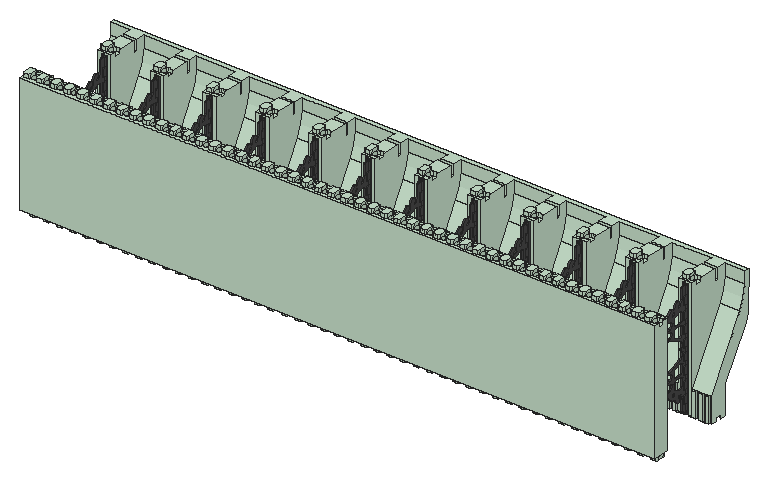
Revit family (continued)
Forms (in)
  Extrusion 51, void
    sketch origin (86, 0, 0) x (-1, 0, 0) y (0, -1, 0)
      loop
        arc (1, -4.89808) -> (1.04785, -5.04517) -> (1.17308, -5.13595) r 0.25
        arc (1.17308, -5.13595) -> (1.5, -5.1875) -> (1.82692, -5.13595) r 1.0625
        arc (1.82692, -5.13595) -> (1.95215, -5.04517) -> (2, -4.89808) r 0.25
        line (2, -4.89808) -> (2, -3.97692)
        arc (2, -3.97692) -> (1.98276, -3.88568) -> (1.9334, -3.80702) r 0.25
        arc (1.9334, -3.80702) -> (1.92106, -3.78736) -> (1.91675, -3.76455) r 0.0625
        line (1.91675, -3.76455) -> (1.91675, -3.41845) -> (1.74592, -3.41845) -> (1.74592, -3.64005)
        arc (1.74592, -3.64005) -> (1.72385, -3.68771) -> (1.67323, -3.70172) r 0.0625
        arc (1.67323, -3.70172) -> (1.42092, -3.69045) -> (1.17308, -3.73905) r 1.0625
        arc (1.17308, -3.73905) -> (1.04785, -3.82983) -> (1, -3.97692) r 0.25
        line (1, -3.97692) -> (1, -4.89808)
    from 18 to 17.5
  Extrusion 52, void
    sketch origin (78, 0, 0) x (-1, 0, 0) y (0, -1, 0)
      loop
        arc (1, -4.89808) -> (1.04785, -5.04517) -> (1.17308, -5.13595) r 0.25
        arc (1.17308, -5.13595) -> (1.5, -5.1875) -> (1.82692, -5.13595) r 1.0625
        arc (1.82692, -5.13595) -> (1.95215, -5.04517) -> (2, -4.89808) r 0.25
        line (2, -4.89808) -> (2, -3.97692)
        arc (2, -3.97692) -> (1.98276, -3.88568) -> (1.9334, -3.80702) r 0.25
        arc (1.9334, -3.80702) -> (1.92106, -3.78736) -> (1.91675, -3.76455) r 0.0625
        line (1.91675, -3.76455) -> (1.91675, -3.41845) -> (1.74592, -3.41845) -> (1.74592, -3.64005)
        arc (1.74592, -3.64005) -> (1.72385, -3.68771) -> (1.67323, -3.70172) r 0.0625
        arc (1.67323, -3.70172) -> (1.42092, -3.69045) -> (1.17308, -3.73905) r 1.0625
        arc (1.17308, -3.73905) -> (1.04785, -3.82983) -> (1, -3.97692) r 0.25
        line (1, -3.97692) -> (1, -4.89808)
    from 18 to 17.5
  Extrusion 53, void
    sketch origin (70, 0, 0) x (-1, 0, 0) y (0, -1, 0)
      loop
        arc (1, -4.89808) -> (1.04785, -5.04517) -> (1.17308, -5.13595) r 0.25
        arc (1.17308, -5.13595) -> (1.5, -5.1875) -> (1.82692, -5.13595) r 1.0625
        arc (1.82692, -5.13595) -> (1.95215, -5.04517) -> (2, -4.89808) r 0.25
        line (2, -4.89808) -> (2, -3.97692)
        arc (2, -3.97692) -> (1.98276, -3.88568) -> (1.9334, -3.80702) r 0.25
        arc (1.9334, -3.80702) -> (1.92106, -3.78736) -> (1.91675, -3.76455) r 0.0625
        line (1.91675, -3.76455) -> (1.91675, -3.41845) -> (1.74592, -3.41845) -> (1.74592, -3.64005)
        arc (1.74592, -3.64005) -> (1.72385, -3.68771) -> (1.67323, -3.70172) r 0.0625
        arc (1.67323, -3.70172) -> (1.42092, -3.69045) -> (1.17308, -3.73905) r 1.0625
        arc (1.17308, -3.73905) -> (1.04785, -3.82983) -> (1, -3.97692) r 0.25
        line (1, -3.97692) -> (1, -4.89808)
    from 18 to 17.5
  Extrusion 54, void
    sketch origin (62, 0, 0) x (-1, 0, 0) y (0, -1, 0)
      loop
        arc (1, -4.89808) -> (1.04785, -5.04517) -> (1.17308, -5.13595) r 0.25
        arc (1.17308, -5.13595) -> (1.5, -5.1875) -> (1.82692, -5.13595) r 1.0625
        arc (1.82692, -5.13595) -> (1.95215, -5.04517) -> (2, -4.89808) r 0.25
        line (2, -4.89808) -> (2, -3.97692)
        arc (2, -3.97692) -> (1.98276, -3.88568) -> (1.9334, -3.80702) r 0.25
        arc (1.9334, -3.80702) -> (1.92106, -3.78736) -> (1.91675, -3.76455) r 0.0625
        line (1.91675, -3.76455) -> (1.91675, -3.41845) -> (1.74592, -3.41845) -> (1.74592, -3.64005)
        arc (1.74592, -3.64005) -> (1.72385, -3.68771) -> (1.67323, -3.70172) r 0.0625
        arc (1.67323, -3.70172) -> (1.42092, -3.69045) -> (1.17308, -3.73905) r 1.0625
        arc (1.17308, -3.73905) -> (1.04785, -3.82983) -> (1, -3.97692) r 0.25
        line (1, -3.97692) -> (1, -4.89808)
    from 18 to 17.5
  Extrusion 55, void
    sketch origin (54, 0, 0) x (-1, 0, 0) y (0, -1, 0)
      loop
        arc (1, -4.89808) -> (1.04785, -5.04517) -> (1.17308, -5.13595) r 0.25
        arc (1.17308, -5.13595) -> (1.5, -5.1875) -> (1.82692, -5.13595) r 1.0625
        arc (1.82692, -5.13595) -> (1.95215, -5.04517) -> (2, -4.89808) r 0.25
        line (2, -4.89808) -> (2, -3.97692)
        arc (2, -3.97692) -> (1.98276, -3.88568) -> (1.9334, -3.80702) r 0.25
        arc (1.9334, -3.80702) -> (1.92106, -3.78736) -> (1.91675, -3.76455) r 0.0625
        line (1.91675, -3.76455) -> (1.91675, -3.41845) -> (1.74592, -3.41845) -> (1.74592, -3.64005)
        arc (1.74592, -3.64005) -> (1.72385, -3.68771) -> (1.67323, -3.70172) r 0.0625
        arc (1.67323, -3.70172) -> (1.42092, -3.69045) -> (1.17308, -3.73905) r 1.0625
        arc (1.17308, -3.73905) -> (1.04785, -3.82983) -> (1, -3.97692) r 0.25
        line (1, -3.97692) -> (1, -4.89808)
    from 18 to 17.5
  Extrusion 56, void
    sketch origin (46, 0, 0) x (-1, 0, 0) y (0, -1, 0)
      loop
        arc (1, -4.89808) -> (1.04785, -5.04517) -> (1.17308, -5.13595) r 0.25
        arc (1.17308, -5.13595) -> (1.5, -5.1875) -> (1.82692, -5.13595) r 1.0625
        arc (1.82692, -5.13595) -> (1.95215, -5.04517) -> (2, -4.89808) r 0.25
        line (2, -4.89808) -> (2, -3.97692)
        arc (2, -3.97692) -> (1.98276, -3.88568) -> (1.9334, -3.80702) r 0.25
        arc (1.9334, -3.80702) -> (1.92106, -3.78736) -> (1.91675, -3.76455) r 0.0625
        line (1.91675, -3.76455) -> (1.91675, -3.41845) -> (1.74592, -3.41845) -> (1.74592, -3.64005)
        arc (1.74592, -3.64005) -> (1.72385, -3.68771) -> (1.67323, -3.70172) r 0.0625
        arc (1.67323, -3.70172) -> (1.42092, -3.69045) -> (1.17308, -3.73905) r 1.0625
        arc (1.17308, -3.73905) -> (1.04785, -3.82983) -> (1, -3.97692) r 0.25
        line (1, -3.97692) -> (1, -4.89808)
    from 18 to 17.5
  Extrusion 57, void
    sketch origin (38, 0, 0) x (-1, 0, 0) y (0, -1, 0)
      loop
        arc (1, -4.89808) -> (1.04785, -5.04517) -> (1.17308, -5.13595) r 0.25
        arc (1.17308, -5.13595) -> (1.5, -5.1875) -> (1.82692, -5.13595) r 1.0625
        arc (1.82692, -5.13595) -> (1.95215, -5.04517) -> (2, -4.89808) r 0.25
        line (2, -4.89808) -> (2, -3.97692)
        arc (2, -3.97692) -> (1.98276, -3.88568) -> (1.9334, -3.80702) r 0.25
        arc (1.9334, -3.80702) -> (1.92106, -3.78736) -> (1.91675, -3.76455) r 0.0625
        line (1.91675, -3.76455) -> (1.91675, -3.41845) -> (1.74592, -3.41845) -> (1.74592, -3.64005)
        arc (1.74592, -3.64005) -> (1.72385, -3.68771) -> (1.67323, -3.70172) r 0.0625
        arc (1.67323, -3.70172) -> (1.42092, -3.69045) -> (1.17308, -3.73905) r 1.0625
        arc (1.17308, -3.73905) -> (1.04785, -3.82983) -> (1, -3.97692) r 0.25
        line (1, -3.97692) -> (1, -4.89808)
    from 18 to 17.5
  Extrusion 58, void
    sketch origin (30, 0, 0) x (-1, 0, 0) y (0, -1, 0)
      loop
        arc (1, -4.89808) -> (1.04785, -5.04517) -> (1.17308, -5.13595) r 0.25
        arc (1.17308, -5.13595) -> (1.5, -5.1875) -> (1.82692, -5.13595) r 1.0625
        arc (1.82692, -5.13595) -> (1.95215, -5.04517) -> (2, -4.89808) r 0.25
        line (2, -4.89808) -> (2, -3.97692)
        arc (2, -3.97692) -> (1.98276, -3.88568) -> (1.9334, -3.80702) r 0.25
        arc (1.9334, -3.80702) -> (1.92106, -3.78736) -> (1.91675, -3.76455) r 0.0625
        line (1.91675, -3.76455) -> (1.91675, -3.41845) -> (1.74592, -3.41845) -> (1.74592, -3.64005)
        arc (1.74592, -3.64005) -> (1.72385, -3.68771) -> (1.67323, -3.70172) r 0.0625
        arc (1.67323, -3.70172) -> (1.42092, -3.69045) -> (1.17308, -3.73905) r 1.0625
        arc (1.17308, -3.73905) -> (1.04785, -3.82983) -> (1, -3.97692) r 0.25
        line (1, -3.97692) -> (1, -4.89808)
    from 18 to 17.5
  Extrusion 59, void
    sketch origin (22, 0, 0) x (-1, 0, 0) y (0, -1, 0)
      loop
        arc (1, -4.89808) -> (1.04785, -5.04517) -> (1.17308, -5.13595) r 0.25
        arc (1.17308, -5.13595) -> (1.5, -5.1875) -> (1.82692, -5.13595) r 1.0625
        arc (1.82692, -5.13595) -> (1.95215, -5.04517) -> (2, -4.89808) r 0.25
        line (2, -4.89808) -> (2, -3.97692)
        arc (2, -3.97692) -> (1.98276, -3.88568) -> (1.9334, -3.80702) r 0.25
        arc (1.9334, -3.80702) -> (1.92106, -3.78736) -> (1.91675, -3.76455) r 0.0625
        line (1.91675, -3.76455) -> (1.91675, -3.41845) -> (1.74592, -3.41845) -> (1.74592, -3.64005)
        arc (1.74592, -3.64005) -> (1.72385, -3.68771) -> (1.67323, -3.70172) r 0.0625
        arc (1.67323, -3.70172) -> (1.42092, -3.69045) -> (1.17308, -3.73905) r 1.0625
        arc (1.17308, -3.73905) -> (1.04785, -3.82983) -> (1, -3.97692) r 0.25
        line (1, -3.97692) -> (1, -4.89808)
    from 18 to 17.5
  Extrusion 60, void
    sketch origin (14, 0, 0) x (-1, 0, 0) y (0, -1, 0)
      loop
        arc (1, -4.89808) -> (1.04785, -5.04517) -> (1.17308, -5.13595) r 0.25
        arc (1.17308, -5.13595) -> (1.5, -5.1875) -> (1.82692, -5.13595) r 1.0625
        arc (1.82692, -5.13595) -> (1.95215, -5.04517) -> (2, -4.89808) r 0.25
        line (2, -4.89808) -> (2, -3.97692)
        arc (2, -3.97692) -> (1.98276, -3.88568) -> (1.9334, -3.80702) r 0.25
        arc (1.9334, -3.80702) -> (1.92106, -3.78736) -> (1.91675, -3.76455) r 0.0625
        line (1.91675, -3.76455) -> (1.91675, -3.41845) -> (1.74592, -3.41845) -> (1.74592, -3.64005)
        arc (1.74592, -3.64005) -> (1.72385, -3.68771) -> (1.67323, -3.70172) r 0.0625
        arc (1.67323, -3.70172) -> (1.42092, -3.69045) -> (1.17308, -3.73905) r 1.0625
        arc (1.17308, -3.73905) -> (1.04785, -3.82983) -> (1, -3.97692) r 0.25
        line (1, -3.97692) -> (1, -4.89808)
    from 18 to 17.5
  Extrusion 61, void
    sketch origin (6, 0, 0) x (-1, 0, 0) y (0, -1, 0)
      loop
        arc (1, -4.89808) -> (1.04785, -5.04517) -> (1.17308, -5.13595) r 0.25
        arc (1.17308, -5.13595) -> (1.5, -5.1875) -> (1.82692, -5.13595) r 1.0625
        arc (1.82692, -5.13595) -> (1.95215, -5.04517) -> (2, -4.89808) r 0.25
        line (2, -4.89808) -> (2, -3.97692)
        arc (2, -3.97692) -> (1.98276, -3.88568) -> (1.9334, -3.80702) r 0.25
        arc (1.9334, -3.80702) -> (1.92106, -3.78736) -> (1.91675, -3.76455) r 0.0625
        line (1.91675, -3.76455) -> (1.91675, -3.41845) -> (1.74592, -3.41845) -> (1.74592, -3.64005)
        arc (1.74592, -3.64005) -> (1.72385, -3.68771) -> (1.67323, -3.70172) r 0.0625
        arc (1.67323, -3.70172) -> (1.42092, -3.69045) -> (1.17308, -3.73905) r 1.0625
        arc (1.17308, -3.73905) -> (1.04785, -3.82983) -> (1, -3.97692) r 0.25
        line (1, -3.97692) -> (1, -4.89808)
    from 18 to 17.5
  Extrusion 62, void
    sketch origin (2, -2, 0) x (-1, 0, 0) y (0, -1, 0)
      loop
        line (1, 4.89808) -> (1, 3.97692)
        arc (1, 3.97692) -> (1.04785, 3.82983) -> (1.17308, 3.73905) r 0.25
        arc (1.17308, 3.73905) -> (1.42092, 3.69045) -> (1.67323, 3.70172) r 1.0625
        arc (1.67323, 3.70172) -> (1.72385, 3.68771) -> (1.74592, 3.64005) r 0.0625
        line (1.74592, 3.64005) -> (1.74592, 3.41845) -> (1.91675, 3.41845) -> (1.91675, 3.76455)
        arc (1.91675, 3.76455) -> (1.92106, 3.78736) -> (1.9334, 3.80702) r 0.0625
        arc (1.9334, 3.80702) -> (1.98276, 3.88568) -> (2, 3.97692) r 0.25
        line (2, 3.97692) -> (2, 4.89808)
        arc (2, 4.89808) -> (1.95215, 5.04517) -> (1.82692, 5.13595) r 0.25
        arc (1.82692, 5.13595) -> (1.5, 5.1875) -> (1.17308, 5.13595) r 1.0625
        arc (1.17308, 5.13595) -> (1.04785, 5.04517) -> (1, 4.89808) r 0.25
    from 0 to 0.5
  Extrusion 63, void
    sketch origin (4, -2, 0) x (-1, 0, 0) y (0, -1, 0)
      loop
        line (1, 4.89808) -> (1, 3.97692)
        arc (1, 3.97692) -> (1.04785, 3.82983) -> (1.17308, 3.73905) r 0.25
        arc (1.17308, 3.73905) -> (1.42092, 3.69045) -> (1.67323, 3.70172) r 1.0625
        arc (1.67323, 3.70172) -> (1.72385, 3.68771) -> (1.74592, 3.64005) r 0.0625
        line (1.74592, 3.64005) -> (1.74592, 3.41845) -> (1.91675, 3.41845) -> (1.91675, 3.76455)
        arc (1.91675, 3.76455) -> (1.92106, 3.78736) -> (1.9334, 3.80702) r 0.0625
        arc (1.9334, 3.80702) -> (1.98276, 3.88568) -> (2, 3.97692) r 0.25
        line (2, 3.97692) -> (2, 4.89808)
        arc (2, 4.89808) -> (1.95215, 5.04517) -> (1.82692, 5.13595) r 0.25
        arc (1.82692, 5.13595) -> (1.5, 5.1875) -> (1.17308, 5.13595) r 1.0625
        arc (1.17308, 5.13595) -> (1.04785, 5.04517) -> (1, 4.89808) r 0.25
    from 0 to 0.5
  Extrusion 64, void
    sketch origin (6, -2, 0) x (-1, 0, 0) y (0, -1, 0)
      loop
        line (1, 4.89808) -> (1, 3.97692)
        arc (1, 3.97692) -> (1.04785, 3.82983) -> (1.17308, 3.73905) r 0.25
        arc (1.17308, 3.73905) -> (1.42092, 3.69045) -> (1.67323, 3.70172) r 1.0625
        arc (1.67323, 3.70172) -> (1.72385, 3.68771) -> (1.74592, 3.64005) r 0.0625
        line (1.74592, 3.64005) -> (1.74592, 3.41845) -> (1.91675, 3.41845) -> (1.91675, 3.76455)
        arc (1.91675, 3.76455) -> (1.92106, 3.78736) -> (1.9334, 3.80702) r 0.0625
        arc (1.9334, 3.80702) -> (1.98276, 3.88568) -> (2, 3.97692) r 0.25
        line (2, 3.97692) -> (2, 4.89808)
        arc (2, 4.89808) -> (1.95215, 5.04517) -> (1.82692, 5.13595) r 0.25
        arc (1.82692, 5.13595) -> (1.5, 5.1875) -> (1.17308, 5.13595) r 1.0625
        arc (1.17308, 5.13595) -> (1.04785, 5.04517) -> (1, 4.89808) r 0.25
    from 0 to 0.5
  Extrusion 65, void
    sketch origin (8, -2, 0) x (-1, 0, 0) y (0, -1, 0)
      loop
        line (1, 4.89808) -> (1, 3.97692)
        arc (1, 3.97692) -> (1.04785, 3.82983) -> (1.17308, 3.73905) r 0.25
        arc (1.17308, 3.73905) -> (1.42092, 3.69045) -> (1.67323, 3.70172) r 1.0625
        arc (1.67323, 3.70172) -> (1.72385, 3.68771) -> (1.74592, 3.64005) r 0.0625
        line (1.74592, 3.64005) -> (1.74592, 3.41845) -> (1.91675, 3.41845) -> (1.91675, 3.76455)
        arc (1.91675, 3.76455) -> (1.92106, 3.78736) -> (1.9334, 3.80702) r 0.0625
        arc (1.9334, 3.80702) -> (1.98276, 3.88568) -> (2, 3.97692) r 0.25
        line (2, 3.97692) -> (2, 4.89808)
        arc (2, 4.89808) -> (1.95215, 5.04517) -> (1.82692, 5.13595) r 0.25
        arc (1.82692, 5.13595) -> (1.5, 5.1875) -> (1.17308, 5.13595) r 1.0625
        arc (1.17308, 5.13595) -> (1.04785, 5.04517) -> (1, 4.89808) r 0.25
    from 0 to 0.5
  Extrusion 66, void
    sketch origin (10, -2, 0) x (-1, 0, 0) y (0, -1, 0)
      loop
        line (1, 4.89808) -> (1, 3.97692)
        arc (1, 3.97692) -> (1.04785, 3.82983) -> (1.17308, 3.73905) r 0.25
        arc (1.17308, 3.73905) -> (1.42092, 3.69045) -> (1.67323, 3.70172) r 1.0625
        arc (1.67323, 3.70172) -> (1.72385, 3.68771) -> (1.74592, 3.64005) r 0.0625
        line (1.74592, 3.64005) -> (1.74592, 3.41845) -> (1.91675, 3.41845) -> (1.91675, 3.76455)
        arc (1.91675, 3.76455) -> (1.92106, 3.78736) -> (1.9334, 3.80702) r 0.0625
        arc (1.9334, 3.80702) -> (1.98276, 3.88568) -> (2, 3.97692) r 0.25
        line (2, 3.97692) -> (2, 4.89808)
        arc (2, 4.89808) -> (1.95215, 5.04517) -> (1.82692, 5.13595) r 0.25
        arc (1.82692, 5.13595) -> (1.5, 5.1875) -> (1.17308, 5.13595) r 1.0625
        arc (1.17308, 5.13595) -> (1.04785, 5.04517) -> (1, 4.89808) r 0.25
    from 0 to 0.5
  Extrusion 67, void
    sketch origin (12, -2, 0) x (-1, 0, 0) y (0, -1, 0)
      loop
        line (1, 4.89808) -> (1, 3.97692)
        arc (1, 3.97692) -> (1.04785, 3.82983) -> (1.17308, 3.73905) r 0.25
        arc (1.17308, 3.73905) -> (1.42092, 3.69045) -> (1.67323, 3.70172) r 1.0625
        arc (1.67323, 3.70172) -> (1.72385, 3.68771) -> (1.74592, 3.64005) r 0.0625
        line (1.74592, 3.64005) -> (1.74592, 3.41845) -> (1.91675, 3.41845) -> (1.91675, 3.76455)
        arc (1.91675, 3.76455) -> (1.92106, 3.78736) -> (1.9334, 3.80702) r 0.0625
        arc (1.9334, 3.80702) -> (1.98276, 3.88568) -> (2, 3.97692) r 0.25
        line (2, 3.97692) -> (2, 4.89808)
        arc (2, 4.89808) -> (1.95215, 5.04517) -> (1.82692, 5.13595) r 0.25
        arc (1.82692, 5.13595) -> (1.5, 5.1875) -> (1.17308, 5.13595) r 1.0625
        arc (1.17308, 5.13595) -> (1.04785, 5.04517) -> (1, 4.89808) r 0.25
    from 0 to 0.5
  Extrusion 68, void
    sketch origin (14, -2, 0) x (-1, 0, 0) y (0, -1, 0)
      loop
        line (1, 4.89808) -> (1, 3.97692)
        arc (1, 3.97692) -> (1.04785, 3.82983) -> (1.17308, 3.73905) r 0.25
        arc (1.17308, 3.73905) -> (1.42092, 3.69045) -> (1.67323, 3.70172) r 1.0625
        arc (1.67323, 3.70172) -> (1.72385, 3.68771) -> (1.74592, 3.64005) r 0.0625
        line (1.74592, 3.64005) -> (1.74592, 3.41845) -> (1.91675, 3.41845) -> (1.91675, 3.76455)
        arc (1.91675, 3.76455) -> (1.92106, 3.78736) -> (1.9334, 3.80702) r 0.0625
        arc (1.9334, 3.80702) -> (1.98276, 3.88568) -> (2, 3.97692) r 0.25
        line (2, 3.97692) -> (2, 4.89808)
        arc (2, 4.89808) -> (1.95215, 5.04517) -> (1.82692, 5.13595) r 0.25
        arc (1.82692, 5.13595) -> (1.5, 5.1875) -> (1.17308, 5.13595) r 1.0625
        arc (1.17308, 5.13595) -> (1.04785, 5.04517) -> (1, 4.89808) r 0.25
    from 0 to 0.5
  Extrusion 69, void
    sketch origin (16, -2, 0) x (-1, 0, 0) y (0, -1, 0)
      loop
        line (1, 4.89808) -> (1, 3.97692)
        arc (1, 3.97692) -> (1.04785, 3.82983) -> (1.17308, 3.73905) r 0.25
        arc (1.17308, 3.73905) -> (1.42092, 3.69045) -> (1.67323, 3.70172) r 1.0625
        arc (1.67323, 3.70172) -> (1.72385, 3.68771) -> (1.74592, 3.64005) r 0.0625
        line (1.74592, 3.64005) -> (1.74592, 3.41845) -> (1.91675, 3.41845) -> (1.91675, 3.76455)
        arc (1.91675, 3.76455) -> (1.92106, 3.78736) -> (1.9334, 3.80702) r 0.0625
        arc (1.9334, 3.80702) -> (1.98276, 3.88568) -> (2, 3.97692) r 0.25
        line (2, 3.97692) -> (2, 4.89808)
        arc (2, 4.89808) -> (1.95215, 5.04517) -> (1.82692, 5.13595) r 0.25
        arc (1.82692, 5.13595) -> (1.5, 5.1875) -> (1.17308, 5.13595) r 1.0625
        arc (1.17308, 5.13595) -> (1.04785, 5.04517) -> (1, 4.89808) r 0.25
    from 0 to 0.5
  Extrusion 70, void
    sketch origin (18, -2, 0) x (-1, 0, 0) y (0, -1, 0)
      loop
        line (1, 4.89808) -> (1, 3.97692)
        arc (1, 3.97692) -> (1.04785, 3.82983) -> (1.17308, 3.73905) r 0.25
        arc (1.17308, 3.73905) -> (1.42092, 3.69045) -> (1.67323, 3.70172) r 1.0625
        arc (1.67323, 3.70172) -> (1.72385, 3.68771) -> (1.74592, 3.64005) r 0.0625
        line (1.74592, 3.64005) -> (1.74592, 3.41845) -> (1.91675, 3.41845) -> (1.91675, 3.76455)
        arc (1.91675, 3.76455) -> (1.92106, 3.78736) -> (1.9334, 3.80702) r 0.0625
        arc (1.9334, 3.80702) -> (1.98276, 3.88568) -> (2, 3.97692) r 0.25
        line (2, 3.97692) -> (2, 4.89808)
        arc (2, 4.89808) -> (1.95215, 5.04517) -> (1.82692, 5.13595) r 0.25
        arc (1.82692, 5.13595) -> (1.5, 5.1875) -> (1.17308, 5.13595) r 1.0625
        arc (1.17308, 5.13595) -> (1.04785, 5.04517) -> (1, 4.89808) r 0.25
    from 0 to 0.5
  Extrusion 71, void
    sketch origin (20, -2, 0) x (-1, 0, 0) y (0, -1, 0)
      loop
        line (1, 4.89808) -> (1, 3.97692)
        arc (1, 3.97692) -> (1.04785, 3.82983) -> (1.17308, 3.73905) r 0.25
        arc (1.17308, 3.73905) -> (1.42092, 3.69045) -> (1.67323, 3.70172) r 1.0625
        arc (1.67323, 3.70172) -> (1.72385, 3.68771) -> (1.74592, 3.64005) r 0.0625
        line (1.74592, 3.64005) -> (1.74592, 3.41845) -> (1.91675, 3.41845) -> (1.91675, 3.76455)
        arc (1.91675, 3.76455) -> (1.92106, 3.78736) -> (1.9334, 3.80702) r 0.0625
        arc (1.9334, 3.80702) -> (1.98276, 3.88568) -> (2, 3.97692) r 0.25
        line (2, 3.97692) -> (2, 4.89808)
        arc (2, 4.89808) -> (1.95215, 5.04517) -> (1.82692, 5.13595) r 0.25
        arc (1.82692, 5.13595) -> (1.5, 5.1875) -> (1.17308, 5.13595) r 1.0625
        arc (1.17308, 5.13595) -> (1.04785, 5.04517) -> (1, 4.89808) r 0.25
    from 0 to 0.5
  Extrusion 72, void
    sketch origin (22, -2, 0) x (-1, 0, 0) y (0, -1, 0)
      loop
        line (1, 4.89808) -> (1, 3.97692)
        arc (1, 3.97692) -> (1.04785, 3.82983) -> (1.17308, 3.73905) r 0.25
        arc (1.17308, 3.73905) -> (1.42092, 3.69045) -> (1.67323, 3.70172) r 1.0625
        arc (1.67323, 3.70172) -> (1.72385, 3.68771) -> (1.74592, 3.64005) r 0.0625
        line (1.74592, 3.64005) -> (1.74592, 3.41845) -> (1.91675, 3.41845) -> (1.91675, 3.76455)
        arc (1.91675, 3.76455) -> (1.92106, 3.78736) -> (1.9334, 3.80702) r 0.0625
        arc (1.9334, 3.80702) -> (1.98276, 3.88568) -> (2, 3.97692) r 0.25
        line (2, 3.97692) -> (2, 4.89808)
        arc (2, 4.89808) -> (1.95215, 5.04517) -> (1.82692, 5.13595) r 0.25
        arc (1.82692, 5.13595) -> (1.5, 5.1875) -> (1.17308, 5.13595) r 1.0625
        arc (1.17308, 5.13595) -> (1.04785, 5.04517) -> (1, 4.89808) r 0.25
    from 0 to 0.5
  Extrusion 73, void
    sketch origin (24, -2, 0) x (-1, 0, 0) y (0, -1, 0)
      loop
        line (1, 4.89808) -> (1, 3.97692)
        arc (1, 3.97692) -> (1.04785, 3.82983) -> (1.17308, 3.73905) r 0.25
        arc (1.17308, 3.73905) -> (1.42092, 3.69045) -> (1.67323, 3.70172) r 1.0625
        arc (1.67323, 3.70172) -> (1.72385, 3.68771) -> (1.74592, 3.64005) r 0.0625
        line (1.74592, 3.64005) -> (1.74592, 3.41845) -> (1.91675, 3.41845) -> (1.91675, 3.76455)
        arc (1.91675, 3.76455) -> (1.92106, 3.78736) -> (1.9334, 3.80702) r 0.0625
        arc (1.9334, 3.80702) -> (1.98276, 3.88568) -> (2, 3.97692) r 0.25
        line (2, 3.97692) -> (2, 4.89808)
        arc (2, 4.89808) -> (1.95215, 5.04517) -> (1.82692, 5.13595) r 0.25
        arc (1.82692, 5.13595) -> (1.5, 5.1875) -> (1.17308, 5.13595) r 1.0625
        arc (1.17308, 5.13595) -> (1.04785, 5.04517) -> (1, 4.89808) r 0.25
    from 0 to 0.5
  Extrusion 74, void
    sketch origin (26, -2, 0) x (-1, 0, 0) y (0, -1, 0)
      loop
        line (1, 4.89808) -> (1, 3.97692)
        arc (1, 3.97692) -> (1.04785, 3.82983) -> (1.17308, 3.73905) r 0.25
        arc (1.17308, 3.73905) -> (1.42092, 3.69045) -> (1.67323, 3.70172) r 1.0625
        arc (1.67323, 3.70172) -> (1.72385, 3.68771) -> (1.74592, 3.64005) r 0.0625
        line (1.74592, 3.64005) -> (1.74592, 3.41845) -> (1.91675, 3.41845) -> (1.91675, 3.76455)
        arc (1.91675, 3.76455) -> (1.92106, 3.78736) -> (1.9334, 3.80702) r 0.0625
        arc (1.9334, 3.80702) -> (1.98276, 3.88568) -> (2, 3.97692) r 0.25
        line (2, 3.97692) -> (2, 4.89808)
        arc (2, 4.89808) -> (1.95215, 5.04517) -> (1.82692, 5.13595) r 0.25
        arc (1.82692, 5.13595) -> (1.5, 5.1875) -> (1.17308, 5.13595) r 1.0625
        arc (1.17308, 5.13595) -> (1.04785, 5.04517) -> (1, 4.89808) r 0.25
    from 0 to 0.5
  Extrusion 75, void
    sketch origin (28, -2, 0) x (-1, 0, 0) y (0, -1, 0)
      loop
        line (1, 4.89808) -> (1, 3.97692)
        arc (1, 3.97692) -> (1.04785, 3.82983) -> (1.17308, 3.73905) r 0.25
        arc (1.17308, 3.73905) -> (1.42092, 3.69045) -> (1.67323, 3.70172) r 1.0625
        arc (1.67323, 3.70172) -> (1.72385, 3.68771) -> (1.74592, 3.64005) r 0.0625
        line (1.74592, 3.64005) -> (1.74592, 3.41845) -> (1.91675, 3.41845) -> (1.91675, 3.76455)
        arc (1.91675, 3.76455) -> (1.92106, 3.78736) -> (1.9334, 3.80702) r 0.0625
        arc (1.9334, 3.80702) -> (1.98276, 3.88568) -> (2, 3.97692) r 0.25
        line (2, 3.97692) -> (2, 4.89808)
        arc (2, 4.89808) -> (1.95215, 5.04517) -> (1.82692, 5.13595) r 0.25
        arc (1.82692, 5.13595) -> (1.5, 5.1875) -> (1.17308, 5.13595) r 1.0625
        arc (1.17308, 5.13595) -> (1.04785, 5.04517) -> (1, 4.89808) r 0.25
    from 0 to 0.5
  Extrusion 76, void
    sketch origin (30, -2, 0) x (-1, 0, 0) y (0, -1, 0)
      loop
        line (1, 4.89808) -> (1, 3.97692)
        arc (1, 3.97692) -> (1.04785, 3.82983) -> (1.17308, 3.73905) r 0.25
        arc (1.17308, 3.73905) -> (1.42092, 3.69045) -> (1.67323, 3.70172) r 1.0625
        arc (1.67323, 3.70172) -> (1.72385, 3.68771) -> (1.74592, 3.64005) r 0.0625
        line (1.74592, 3.64005) -> (1.74592, 3.41845) -> (1.91675, 3.41845) -> (1.91675, 3.76455)
        arc (1.91675, 3.76455) -> (1.92106, 3.78736) -> (1.9334, 3.80702) r 0.0625
        arc (1.9334, 3.80702) -> (1.98276, 3.88568) -> (2, 3.97692) r 0.25
        line (2, 3.97692) -> (2, 4.89808)
        arc (2, 4.89808) -> (1.95215, 5.04517) -> (1.82692, 5.13595) r 0.25
        arc (1.82692, 5.13595) -> (1.5, 5.1875) -> (1.17308, 5.13595) r 1.0625
        arc (1.17308, 5.13595) -> (1.04785, 5.04517) -> (1, 4.89808) r 0.25
    from 0 to 0.5
  Extrusion 77, void
    sketch origin (32, -2, 0) x (-1, 0, 0) y (0, -1, 0)
      loop
        line (1, 4.89808) -> (1, 3.97692)
        arc (1, 3.97692) -> (1.04785, 3.82983) -> (1.17308, 3.73905) r 0.25
        arc (1.17308, 3.73905) -> (1.42092, 3.69045) -> (1.67323, 3.70172) r 1.0625
        arc (1.67323, 3.70172) -> (1.72385, 3.68771) -> (1.74592, 3.64005) r 0.0625
        line (1.74592, 3.64005) -> (1.74592, 3.41845) -> (1.91675, 3.41845) -> (1.91675, 3.76455)
        arc (1.91675, 3.76455) -> (1.92106, 3.78736) -> (1.9334, 3.80702) r 0.0625
        arc (1.9334, 3.80702) -> (1.98276, 3.88568) -> (2, 3.97692) r 0.25
        line (2, 3.97692) -> (2, 4.89808)
        arc (2, 4.89808) -> (1.95215, 5.04517) -> (1.82692, 5.13595) r 0.25
        arc (1.82692, 5.13595) -> (1.5, 5.1875) -> (1.17308, 5.13595) r 1.0625
        arc (1.17308, 5.13595) -> (1.04785, 5.04517) -> (1, 4.89808) r 0.25
    from 0 to 0.5
  Extrusion 78, void
    sketch origin (34, -2, 0) x (-1, 0, 0) y (0, -1, 0)
      loop
        line (1, 4.89808) -> (1, 3.97692)
        arc (1, 3.97692) -> (1.04785, 3.82983) -> (1.17308, 3.73905) r 0.25
        arc (1.17308, 3.73905) -> (1.42092, 3.69045) -> (1.67323, 3.70172) r 1.0625
        arc (1.67323, 3.70172) -> (1.72385, 3.68771) -> (1.74592, 3.64005) r 0.0625
        line (1.74592, 3.64005) -> (1.74592, 3.41845) -> (1.91675, 3.41845) -> (1.91675, 3.76455)
        arc (1.91675, 3.76455) -> (1.92106, 3.78736) -> (1.9334, 3.80702) r 0.0625
        arc (1.9334, 3.80702) -> (1.98276, 3.88568) -> (2, 3.97692) r 0.25
        line (2, 3.97692) -> (2, 4.89808)
        arc (2, 4.89808) -> (1.95215, 5.04517) -> (1.82692, 5.13595) r 0.25
        arc (1.82692, 5.13595) -> (1.5, 5.1875) -> (1.17308, 5.13595) r 1.0625
        arc (1.17308, 5.13595) -> (1.04785, 5.04517) -> (1, 4.89808) r 0.25
    from 0 to 0.5
  Extrusion 79, void
    sketch origin (36, -2, 0) x (-1, 0, 0) y (0, -1, 0)
      loop
        line (1, 4.89808) -> (1, 3.97692)
        arc (1, 3.97692) -> (1.04785, 3.82983) -> (1.17308, 3.73905) r 0.25
        arc (1.17308, 3.73905) -> (1.42092, 3.69045) -> (1.67323, 3.70172) r 1.0625
        arc (1.67323, 3.70172) -> (1.72385, 3.68771) -> (1.74592, 3.64005) r 0.0625
        line (1.74592, 3.64005) -> (1.74592, 3.41845) -> (1.91675, 3.41845) -> (1.91675, 3.76455)
        arc (1.91675, 3.76455) -> (1.92106, 3.78736) -> (1.9334, 3.80702) r 0.0625
        arc (1.9334, 3.80702) -> (1.98276, 3.88568) -> (2, 3.97692) r 0.25
        line (2, 3.97692) -> (2, 4.89808)
        arc (2, 4.89808) -> (1.95215, 5.04517) -> (1.82692, 5.13595) r 0.25
        arc (1.82692, 5.13595) -> (1.5, 5.1875) -> (1.17308, 5.13595) r 1.0625
        arc (1.17308, 5.13595) -> (1.04785, 5.04517) -> (1, 4.89808) r 0.25
    from 0 to 0.5
  Extrusion 80, void
    sketch origin (38, -2, 0) x (-1, 0, 0) y (0, -1, 0)
      loop
        line (1, 4.89808) -> (1, 3.97692)
        arc (1, 3.97692) -> (1.04785, 3.82983) -> (1.17308, 3.73905) r 0.25
        arc (1.17308, 3.73905) -> (1.42092, 3.69045) -> (1.67323, 3.70172) r 1.0625
        arc (1.67323, 3.70172) -> (1.72385, 3.68771) -> (1.74592, 3.64005) r 0.0625
        line (1.74592, 3.64005) -> (1.74592, 3.41845) -> (1.91675, 3.41845) -> (1.91675, 3.76455)
        arc (1.91675, 3.76455) -> (1.92106, 3.78736) -> (1.9334, 3.80702) r 0.0625
        arc (1.9334, 3.80702) -> (1.98276, 3.88568) -> (2, 3.97692) r 0.25
        line (2, 3.97692) -> (2, 4.89808)
        arc (2, 4.89808) -> (1.95215, 5.04517) -> (1.82692, 5.13595) r 0.25
        arc (1.82692, 5.13595) -> (1.5, 5.1875) -> (1.17308, 5.13595) r 1.0625
        arc (1.17308, 5.13595) -> (1.04785, 5.04517) -> (1, 4.89808) r 0.25
    from 0 to 0.5
  Extrusion 81, void
    sketch origin (40, -2, 0) x (-1, 0, 0) y (0, -1, 0)
      loop
        line (1, 4.89808) -> (1, 3.97692)
        arc (1, 3.97692) -> (1.04785, 3.82983) -> (1.17308, 3.73905) r 0.25
        arc (1.17308, 3.73905) -> (1.42092, 3.69045) -> (1.67323, 3.70172) r 1.0625
        arc (1.67323, 3.70172) -> (1.72385, 3.68771) -> (1.74592, 3.64005) r 0.0625
        line (1.74592, 3.64005) -> (1.74592, 3.41845) -> (1.91675, 3.41845) -> (1.91675, 3.76455)
        arc (1.91675, 3.76455) -> (1.92106, 3.78736) -> (1.9334, 3.80702) r 0.0625
        arc (1.9334, 3.80702) -> (1.98276, 3.88568) -> (2, 3.97692) r 0.25
        line (2, 3.97692) -> (2, 4.89808)
        arc (2, 4.89808) -> (1.95215, 5.04517) -> (1.82692, 5.13595) r 0.25
        arc (1.82692, 5.13595) -> (1.5, 5.1875) -> (1.17308, 5.13595) r 1.0625
        arc (1.17308, 5.13595) -> (1.04785, 5.04517) -> (1, 4.89808) r 0.25
    from 0 to 0.5
  Extrusion 82, void
    sketch origin (42, -2, 0) x (-1, 0, 0) y (0, -1, 0)
      loop
        line (1, 4.89808) -> (1, 3.97692)
        arc (1, 3.97692) -> (1.04785, 3.82983) -> (1.17308, 3.73905) r 0.25
        arc (1.17308, 3.73905) -> (1.42092, 3.69045) -> (1.67323, 3.70172) r 1.0625
        arc (1.67323, 3.70172) -> (1.72385, 3.68771) -> (1.74592, 3.64005) r 0.0625
        line (1.74592, 3.64005) -> (1.74592, 3.41845) -> (1.91675, 3.41845) -> (1.91675, 3.76455)
        arc (1.91675, 3.76455) -> (1.92106, 3.78736) -> (1.9334, 3.80702) r 0.0625
        arc (1.9334, 3.80702) -> (1.98276, 3.88568) -> (2, 3.97692) r 0.25
        line (2, 3.97692) -> (2, 4.89808)
        arc (2, 4.89808) -> (1.95215, 5.04517) -> (1.82692, 5.13595) r 0.25
        arc (1.82692, 5.13595) -> (1.5, 5.1875) -> (1.17308, 5.13595) r 1.0625
        arc (1.17308, 5.13595) -> (1.04785, 5.04517) -> (1, 4.89808) r 0.25
    from 0 to 0.5
  Extrusion 83, void
    sketch origin (44, -2, 0) x (-1, 0, 0) y (0, -1, 0)
      loop
        line (1, 4.89808) -> (1, 3.97692)
        arc (1, 3.97692) -> (1.04785, 3.82983) -> (1.17308, 3.73905) r 0.25
        arc (1.17308, 3.73905) -> (1.42092, 3.69045) -> (1.67323, 3.70172) r 1.0625
        arc (1.67323, 3.70172) -> (1.72385, 3.68771) -> (1.74592, 3.64005) r 0.0625
        line (1.74592, 3.64005) -> (1.74592, 3.41845) -> (1.91675, 3.41845) -> (1.91675, 3.76455)
        arc (1.91675, 3.76455) -> (1.92106, 3.78736) -> (1.9334, 3.80702) r 0.0625
        arc (1.9334, 3.80702) -> (1.98276, 3.88568) -> (2, 3.97692) r 0.25
        line (2, 3.97692) -> (2, 4.89808)
        arc (2, 4.89808) -> (1.95215, 5.04517) -> (1.82692, 5.13595) r 0.25
        arc (1.82692, 5.13595) -> (1.5, 5.1875) -> (1.17308, 5.13595) r 1.0625
        arc (1.17308, 5.13595) -> (1.04785, 5.04517) -> (1, 4.89808) r 0.25
    from 0 to 0.5
  Extrusion 84, void
    sketch origin (46, -2, 0) x (-1, 0, 0) y (0, -1, 0)
      loop
        line (1, 4.89808) -> (1, 3.97692)
        arc (1, 3.97692) -> (1.04785, 3.82983) -> (1.17308, 3.73905) r 0.25
        arc (1.17308, 3.73905) -> (1.42092, 3.69045) -> (1.67323, 3.70172) r 1.0625
        arc (1.67323, 3.70172) -> (1.72385, 3.68771) -> (1.74592, 3.64005) r 0.0625
        line (1.74592, 3.64005) -> (1.74592, 3.41845) -> (1.91675, 3.41845) -> (1.91675, 3.76455)
        arc (1.91675, 3.76455) -> (1.92106, 3.78736) -> (1.9334, 3.80702) r 0.0625
        arc (1.9334, 3.80702) -> (1.98276, 3.88568) -> (2, 3.97692) r 0.25
        line (2, 3.97692) -> (2, 4.89808)
        arc (2, 4.89808) -> (1.95215, 5.04517) -> (1.82692, 5.13595) r 0.25
        arc (1.82692, 5.13595) -> (1.5, 5.1875) -> (1.17308, 5.13595) r 1.0625
        arc (1.17308, 5.13595) -> (1.04785, 5.04517) -> (1, 4.89808) r 0.25
    from 0 to 0.5
  Extrusion 85, void
    sketch origin (48, -2, 0) x (-1, 0, 0) y (0, -1, 0)
      loop
        line (1, 4.89808) -> (1, 3.97692)
        arc (1, 3.97692) -> (1.04785, 3.82983) -> (1.17308, 3.73905) r 0.25
        arc (1.17308, 3.73905) -> (1.42092, 3.69045) -> (1.67323, 3.70172) r 1.0625
        arc (1.67323, 3.70172) -> (1.72385, 3.68771) -> (1.74592, 3.64005) r 0.0625
        line (1.74592, 3.64005) -> (1.74592, 3.41845) -> (1.91675, 3.41845) -> (1.91675, 3.76455)
        arc (1.91675, 3.76455) -> (1.92106, 3.78736) -> (1.9334, 3.80702) r 0.0625
        arc (1.9334, 3.80702) -> (1.98276, 3.88568) -> (2, 3.97692) r 0.25
        line (2, 3.97692) -> (2, 4.89808)
        arc (2, 4.89808) -> (1.95215, 5.04517) -> (1.82692, 5.13595) r 0.25
        arc (1.82692, 5.13595) -> (1.5, 5.1875) -> (1.17308, 5.13595) r 1.0625
        arc (1.17308, 5.13595) -> (1.04785, 5.04517) -> (1, 4.89808) r 0.25
    from 0 to 0.5
  Extrusion 86, void
    sketch origin (50, -2, 0) x (-1, 0, 0) y (0, -1, 0)
      loop
        line (1, 4.89808) -> (1, 3.97692)
        arc (1, 3.97692) -> (1.04785, 3.82983) -> (1.17308, 3.73905) r 0.25
        arc (1.17308, 3.73905) -> (1.42092, 3.69045) -> (1.67323, 3.70172) r 1.0625
        arc (1.67323, 3.70172) -> (1.72385, 3.68771) -> (1.74592, 3.64005) r 0.0625
        line (1.74592, 3.64005) -> (1.74592, 3.41845) -> (1.91675, 3.41845) -> (1.91675, 3.76455)
        arc (1.91675, 3.76455) -> (1.92106, 3.78736) -> (1.9334, 3.80702) r 0.0625
        arc (1.9334, 3.80702) -> (1.98276, 3.88568) -> (2, 3.97692) r 0.25
        line (2, 3.97692) -> (2, 4.89808)
        arc (2, 4.89808) -> (1.95215, 5.04517) -> (1.82692, 5.13595) r 0.25
        arc (1.82692, 5.13595) -> (1.5, 5.1875) -> (1.17308, 5.13595) r 1.0625
        arc (1.17308, 5.13595) -> (1.04785, 5.04517) -> (1, 4.89808) r 0.25
    from 0 to 0.5
  Extrusion 87, void
    sketch origin (52, -2, 0) x (-1, 0, 0) y (0, -1, 0)
      loop
        line (1, 4.89808) -> (1, 3.97692)
        arc (1, 3.97692) -> (1.04785, 3.82983) -> (1.17308, 3.73905) r 0.25
        arc (1.17308, 3.73905) -> (1.42092, 3.69045) -> (1.67323, 3.70172) r 1.0625
        arc (1.67323, 3.70172) -> (1.72385, 3.68771) -> (1.74592, 3.64005) r 0.0625
        line (1.74592, 3.64005) -> (1.74592, 3.41845) -> (1.91675, 3.41845) -> (1.91675, 3.76455)
        arc (1.91675, 3.76455) -> (1.92106, 3.78736) -> (1.9334, 3.80702) r 0.0625
        arc (1.9334, 3.80702) -> (1.98276, 3.88568) -> (2, 3.97692) r 0.25
        line (2, 3.97692) -> (2, 4.89808)
        arc (2, 4.89808) -> (1.95215, 5.04517) -> (1.82692, 5.13595) r 0.25
        arc (1.82692, 5.13595) -> (1.5, 5.1875) -> (1.17308, 5.13595) r 1.0625
        arc (1.17308, 5.13595) -> (1.04785, 5.04517) -> (1, 4.89808) r 0.25
    from 0 to 0.5
  Extrusion 88, void
    sketch origin (54, -2, 0) x (-1, 0, 0) y (0, -1, 0)
      loop
        line (1, 4.89808) -> (1, 3.97692)
        arc (1, 3.97692) -> (1.04785, 3.82983) -> (1.17308, 3.73905) r 0.25
        arc (1.17308, 3.73905) -> (1.42092, 3.69045) -> (1.67323, 3.70172) r 1.0625
        arc (1.67323, 3.70172) -> (1.72385, 3.68771) -> (1.74592, 3.64005) r 0.0625
        line (1.74592, 3.64005) -> (1.74592, 3.41845) -> (1.91675, 3.41845) -> (1.91675, 3.76455)
        arc (1.91675, 3.76455) -> (1.92106, 3.78736) -> (1.9334, 3.80702) r 0.0625
        arc (1.9334, 3.80702) -> (1.98276, 3.88568) -> (2, 3.97692) r 0.25
        line (2, 3.97692) -> (2, 4.89808)
        arc (2, 4.89808) -> (1.95215, 5.04517) -> (1.82692, 5.13595) r 0.25
        arc (1.82692, 5.13595) -> (1.5, 5.1875) -> (1.17308, 5.13595) r 1.0625
        arc (1.17308, 5.13595) -> (1.04785, 5.04517) -> (1, 4.89808) r 0.25
    from 0 to 0.5
  Extrusion 89, void
    sketch origin (56, -2, 0) x (-1, 0, 0) y (0, -1, 0)
      loop
        line (1, 4.89808) -> (1, 3.97692)
        arc (1, 3.97692) -> (1.04785, 3.82983) -> (1.17308, 3.73905) r 0.25
        arc (1.17308, 3.73905) -> (1.42092, 3.69045) -> (1.67323, 3.70172) r 1.0625
        arc (1.67323, 3.70172) -> (1.72385, 3.68771) -> (1.74592, 3.64005) r 0.0625
        line (1.74592, 3.64005) -> (1.74592, 3.41845) -> (1.91675, 3.41845) -> (1.91675, 3.76455)
        arc (1.91675, 3.76455) -> (1.92106, 3.78736) -> (1.9334, 3.80702) r 0.0625
        arc (1.9334, 3.80702) -> (1.98276, 3.88568) -> (2, 3.97692) r 0.25
        line (2, 3.97692) -> (2, 4.89808)
        arc (2, 4.89808) -> (1.95215, 5.04517) -> (1.82692, 5.13595) r 0.25
        arc (1.82692, 5.13595) -> (1.5, 5.1875) -> (1.17308, 5.13595) r 1.0625
        arc (1.17308, 5.13595) -> (1.04785, 5.04517) -> (1, 4.89808) r 0.25
    from 0 to 0.5
  Extrusion 90, void
    sketch origin (58, -2, 0) x (-1, 0, 0) y (0, -1, 0)
      loop
        line (1, 4.89808) -> (1, 3.97692)
        arc (1, 3.97692) -> (1.04785, 3.82983) -> (1.17308, 3.73905) r 0.25
        arc (1.17308, 3.73905) -> (1.42092, 3.69045) -> (1.67323, 3.70172) r 1.0625
        arc (1.67323, 3.70172) -> (1.72385, 3.68771) -> (1.74592, 3.64005) r 0.0625
        line (1.74592, 3.64005) -> (1.74592, 3.41845) -> (1.91675, 3.41845) -> (1.91675, 3.76455)
        arc (1.91675, 3.76455) -> (1.92106, 3.78736) -> (1.9334, 3.80702) r 0.0625
        arc (1.9334, 3.80702) -> (1.98276, 3.88568) -> (2, 3.97692) r 0.25
        line (2, 3.97692) -> (2, 4.89808)
        arc (2, 4.89808) -> (1.95215, 5.04517) -> (1.82692, 5.13595) r 0.25
        arc (1.82692, 5.13595) -> (1.5, 5.1875) -> (1.17308, 5.13595) r 1.0625
        arc (1.17308, 5.13595) -> (1.04785, 5.04517) -> (1, 4.89808) r 0.25
    from 0 to 0.5
  Extrusion 91, void
    sketch origin (60, -2, 0) x (-1, 0, 0) y (0, -1, 0)
      loop
        line (1, 4.89808) -> (1, 3.97692)
        arc (1, 3.97692) -> (1.04785, 3.82983) -> (1.17308, 3.73905) r 0.25
        arc (1.17308, 3.73905) -> (1.42092, 3.69045) -> (1.67323, 3.70172) r 1.0625
        arc (1.67323, 3.70172) -> (1.72385, 3.68771) -> (1.74592, 3.64005) r 0.0625
        line (1.74592, 3.64005) -> (1.74592, 3.41845) -> (1.91675, 3.41845) -> (1.91675, 3.76455)
        arc (1.91675, 3.76455) -> (1.92106, 3.78736) -> (1.9334, 3.80702) r 0.0625
        arc (1.9334, 3.80702) -> (1.98276, 3.88568) -> (2, 3.97692) r 0.25
        line (2, 3.97692) -> (2, 4.89808)
        arc (2, 4.89808) -> (1.95215, 5.04517) -> (1.82692, 5.13595) r 0.25
        arc (1.82692, 5.13595) -> (1.5, 5.1875) -> (1.17308, 5.13595) r 1.0625
        arc (1.17308, 5.13595) -> (1.04785, 5.04517) -> (1, 4.89808) r 0.25
    from 0 to 0.5
  Extrusion 92, void
    sketch origin (62, -2, 0) x (-1, 0, 0) y (0, -1, 0)
      loop
        line (1, 4.89808) -> (1, 3.97692)
        arc (1, 3.97692) -> (1.04785, 3.82983) -> (1.17308, 3.73905) r 0.25
        arc (1.17308, 3.73905) -> (1.42092, 3.69045) -> (1.67323, 3.70172) r 1.0625
        arc (1.67323, 3.70172) -> (1.72385, 3.68771) -> (1.74592, 3.64005) r 0.0625
        line (1.74592, 3.64005) -> (1.74592, 3.41845) -> (1.91675, 3.41845) -> (1.91675, 3.76455)
        arc (1.91675, 3.76455) -> (1.92106, 3.78736) -> (1.9334, 3.80702) r 0.0625
        arc (1.9334, 3.80702) -> (1.98276, 3.88568) -> (2, 3.97692) r 0.25
        line (2, 3.97692) -> (2, 4.89808)
        arc (2, 4.89808) -> (1.95215, 5.04517) -> (1.82692, 5.13595) r 0.25
        arc (1.82692, 5.13595) -> (1.5, 5.1875) -> (1.17308, 5.13595) r 1.0625
        arc (1.17308, 5.13595) -> (1.04785, 5.04517) -> (1, 4.89808) r 0.25
    from 0 to 0.5
  Extrusion 93, void
    sketch origin (64, -2, 0) x (-1, 0, 0) y (0, -1, 0)
      loop
        line (1, 4.89808) -> (1, 3.97692)
        arc (1, 3.97692) -> (1.04785, 3.82983) -> (1.17308, 3.73905) r 0.25
        arc (1.17308, 3.73905) -> (1.42092, 3.69045) -> (1.67323, 3.70172) r 1.0625
        arc (1.67323, 3.70172) -> (1.72385, 3.68771) -> (1.74592, 3.64005) r 0.0625
        line (1.74592, 3.64005) -> (1.74592, 3.41845) -> (1.91675, 3.41845) -> (1.91675, 3.76455)
        arc (1.91675, 3.76455) -> (1.92106, 3.78736) -> (1.9334, 3.80702) r 0.0625
        arc (1.9334, 3.80702) -> (1.98276, 3.88568) -> (2, 3.97692) r 0.25
        line (2, 3.97692) -> (2, 4.89808)
        arc (2, 4.89808) -> (1.95215, 5.04517) -> (1.82692, 5.13595) r 0.25
        arc (1.82692, 5.13595) -> (1.5, 5.1875) -> (1.17308, 5.13595) r 1.0625
        arc (1.17308, 5.13595) -> (1.04785, 5.04517) -> (1, 4.89808) r 0.25
    from 0 to 0.5
  Extrusion 94, void
    sketch origin (66, -2, 0) x (-1, 0, 0) y (0, -1, 0)
      loop
        line (1, 4.89808) -> (1, 3.97692)
        arc (1, 3.97692) -> (1.04785, 3.82983) -> (1.17308, 3.73905) r 0.25
        arc (1.17308, 3.73905) -> (1.42092, 3.69045) -> (1.67323, 3.70172) r 1.0625
        arc (1.67323, 3.70172) -> (1.72385, 3.68771) -> (1.74592, 3.64005) r 0.0625
        line (1.74592, 3.64005) -> (1.74592, 3.41845) -> (1.91675, 3.41845) -> (1.91675, 3.76455)
        arc (1.91675, 3.76455) -> (1.92106, 3.78736) -> (1.9334, 3.80702) r 0.0625
        arc (1.9334, 3.80702) -> (1.98276, 3.88568) -> (2, 3.97692) r 0.25
        line (2, 3.97692) -> (2, 4.89808)
        arc (2, 4.89808) -> (1.95215, 5.04517) -> (1.82692, 5.13595) r 0.25
        arc (1.82692, 5.13595) -> (1.5, 5.1875) -> (1.17308, 5.13595) r 1.0625
        arc (1.17308, 5.13595) -> (1.04785, 5.04517) -> (1, 4.89808) r 0.25
    from 0 to 0.5
  Extrusion 95, void
    sketch origin (68, -2, 0) x (-1, 0, 0) y (0, -1, 0)
      loop
        line (1, 4.89808) -> (1, 3.97692)
        arc (1, 3.97692) -> (1.04785, 3.82983) -> (1.17308, 3.73905) r 0.25
        arc (1.17308, 3.73905) -> (1.42092, 3.69045) -> (1.67323, 3.70172) r 1.0625
        arc (1.67323, 3.70172) -> (1.72385, 3.68771) -> (1.74592, 3.64005) r 0.0625
        line (1.74592, 3.64005) -> (1.74592, 3.41845) -> (1.91675, 3.41845) -> (1.91675, 3.76455)
        arc (1.91675, 3.76455) -> (1.92106, 3.78736) -> (1.9334, 3.80702) r 0.0625
        arc (1.9334, 3.80702) -> (1.98276, 3.88568) -> (2, 3.97692) r 0.25
        line (2, 3.97692) -> (2, 4.89808)
        arc (2, 4.89808) -> (1.95215, 5.04517) -> (1.82692, 5.13595) r 0.25
        arc (1.82692, 5.13595) -> (1.5, 5.1875) -> (1.17308, 5.13595) r 1.0625
        arc (1.17308, 5.13595) -> (1.04785, 5.04517) -> (1, 4.89808) r 0.25
    from 0 to 0.5
  Extrusion 96, void
    sketch origin (70, -2, 0) x (-1, 0, 0) y (0, -1, 0)
      loop
        line (1, 4.89808) -> (1, 3.97692)
        arc (1, 3.97692) -> (1.04785, 3.82983) -> (1.17308, 3.73905) r 0.25
        arc (1.17308, 3.73905) -> (1.42092, 3.69045) -> (1.67323, 3.70172) r 1.0625
        arc (1.67323, 3.70172) -> (1.72385, 3.68771) -> (1.74592, 3.64005) r 0.0625
        line (1.74592, 3.64005) -> (1.74592, 3.41845) -> (1.91675, 3.41845) -> (1.91675, 3.76455)
        arc (1.91675, 3.76455) -> (1.92106, 3.78736) -> (1.9334, 3.80702) r 0.0625
        arc (1.9334, 3.80702) -> (1.98276, 3.88568) -> (2, 3.97692) r 0.25
        line (2, 3.97692) -> (2, 4.89808)
        arc (2, 4.89808) -> (1.95215, 5.04517) -> (1.82692, 5.13595) r 0.25
        arc (1.82692, 5.13595) -> (1.5, 5.1875) -> (1.17308, 5.13595) r 1.0625
        arc (1.17308, 5.13595) -> (1.04785, 5.04517) -> (1, 4.89808) r 0.25
    from 0 to 0.5
  Extrusion 97, void
    sketch origin (72, -2, 0) x (-1, 0, 0) y (0, -1, 0)
      loop
        line (1, 4.89808) -> (1, 3.97692)
        arc (1, 3.97692) -> (1.04785, 3.82983) -> (1.17308, 3.73905) r 0.25
        arc (1.17308, 3.73905) -> (1.42092, 3.69045) -> (1.67323, 3.70172) r 1.0625
        arc (1.67323, 3.70172) -> (1.72385, 3.68771) -> (1.74592, 3.64005) r 0.0625
        line (1.74592, 3.64005) -> (1.74592, 3.41845) -> (1.91675, 3.41845) -> (1.91675, 3.76455)
        arc (1.91675, 3.76455) -> (1.92106, 3.78736) -> (1.9334, 3.80702) r 0.0625
        arc (1.9334, 3.80702) -> (1.98276, 3.88568) -> (2, 3.97692) r 0.25
        line (2, 3.97692) -> (2, 4.89808)
        arc (2, 4.89808) -> (1.95215, 5.04517) -> (1.82692, 5.13595) r 0.25
        arc (1.82692, 5.13595) -> (1.5, 5.1875) -> (1.17308, 5.13595) r 1.0625
        arc (1.17308, 5.13595) -> (1.04785, 5.04517) -> (1, 4.89808) r 0.25
    from 0 to 0.5
  Extrusion 98, void
    sketch origin (74, -2, 0) x (-1, 0, 0) y (0, -1, 0)
      loop
        line (1, 4.89808) -> (1, 3.97692)
        arc (1, 3.97692) -> (1.04785, 3.82983) -> (1.17308, 3.73905) r 0.25
        arc (1.17308, 3.73905) -> (1.42092, 3.69045) -> (1.67323, 3.70172) r 1.0625
        arc (1.67323, 3.70172) -> (1.72385, 3.68771) -> (1.74592, 3.64005) r 0.0625
        line (1.74592, 3.64005) -> (1.74592, 3.41845) -> (1.91675, 3.41845) -> (1.91675, 3.76455)
        arc (1.91675, 3.76455) -> (1.92106, 3.78736) -> (1.9334, 3.80702) r 0.0625
        arc (1.9334, 3.80702) -> (1.98276, 3.88568) -> (2, 3.97692) r 0.25
        line (2, 3.97692) -> (2, 4.89808)
        arc (2, 4.89808) -> (1.95215, 5.04517) -> (1.82692, 5.13595) r 0.25
        arc (1.82692, 5.13595) -> (1.5, 5.1875) -> (1.17308, 5.13595) r 1.0625
        arc (1.17308, 5.13595) -> (1.04785, 5.04517) -> (1, 4.89808) r 0.25
    from 0 to 0.5
  Extrusion 99, void
    sketch origin (76, -2, 0) x (-1, 0, 0) y (0, -1, 0)
      loop
        line (1, 4.89808) -> (1, 3.97692)
        arc (1, 3.97692) -> (1.04785, 3.82983) -> (1.17308, 3.73905) r 0.25
        arc (1.17308, 3.73905) -> (1.42092, 3.69045) -> (1.67323, 3.70172) r 1.0625
        arc (1.67323, 3.70172) -> (1.72385, 3.68771) -> (1.74592, 3.64005) r 0.0625
        line (1.74592, 3.64005) -> (1.74592, 3.41845) -> (1.91675, 3.41845) -> (1.91675, 3.76455)
        arc (1.91675, 3.76455) -> (1.92106, 3.78736) -> (1.9334, 3.80702) r 0.0625
        arc (1.9334, 3.80702) -> (1.98276, 3.88568) -> (2, 3.97692) r 0.25
        line (2, 3.97692) -> (2, 4.89808)
        arc (2, 4.89808) -> (1.95215, 5.04517) -> (1.82692, 5.13595) r 0.25
        arc (1.82692, 5.13595) -> (1.5, 5.1875) -> (1.17308, 5.13595) r 1.0625
        arc (1.17308, 5.13595) -> (1.04785, 5.04517) -> (1, 4.89808) r 0.25
    from 0 to 0.5
  Extrusion 100, void
    sketch origin (78, -2, 0) x (-1, 0, 0) y (0, -1, 0)
      loop
        line (1, 4.89808) -> (1, 3.97692)
        arc (1, 3.97692) -> (1.04785, 3.82983) -> (1.17308, 3.73905) r 0.25
        arc (1.17308, 3.73905) -> (1.42092, 3.69045) -> (1.67323, 3.70172) r 1.0625
        arc (1.67323, 3.70172) -> (1.72385, 3.68771) -> (1.74592, 3.64005) r 0.0625
        line (1.74592, 3.64005) -> (1.74592, 3.41845) -> (1.91675, 3.41845) -> (1.91675, 3.76455)
        arc (1.91675, 3.76455) -> (1.92106, 3.78736) -> (1.9334, 3.80702) r 0.0625
        arc (1.9334, 3.80702) -> (1.98276, 3.88568) -> (2, 3.97692) r 0.25
        line (2, 3.97692) -> (2, 4.89808)
        arc (2, 4.89808) -> (1.95215, 5.04517) -> (1.82692, 5.13595) r 0.25
        arc (1.82692, 5.13595) -> (1.5, 5.1875) -> (1.17308, 5.13595) r 1.0625
        arc (1.17308, 5.13595) -> (1.04785, 5.04517) -> (1, 4.89808) r 0.25
    from 0 to 0.5
  Extrusion 101, void
    sketch origin (80, -2, 0) x (-1, 0, 0) y (0, -1, 0)
      loop
        line (1, 4.89808) -> (1, 3.97692)
        arc (1, 3.97692) -> (1.04785, 3.82983) -> (1.17308, 3.73905) r 0.25
        arc (1.17308, 3.73905) -> (1.42092, 3.69045) -> (1.67323, 3.70172) r 1.0625
        arc (1.67323, 3.70172) -> (1.72385, 3.68771) -> (1.74592, 3.64005) r 0.0625
        line (1.74592, 3.64005) -> (1.74592, 3.41845) -> (1.91675, 3.41845) -> (1.91675, 3.76455)
        arc (1.91675, 3.76455) -> (1.92106, 3.78736) -> (1.9334, 3.80702) r 0.0625
        arc (1.9334, 3.80702) -> (1.98276, 3.88568) -> (2, 3.97692) r 0.25
        line (2, 3.97692) -> (2, 4.89808)
        arc (2, 4.89808) -> (1.95215, 5.04517) -> (1.82692, 5.13595) r 0.25
        arc (1.82692, 5.13595) -> (1.5, 5.1875) -> (1.17308, 5.13595) r 1.0625
        arc (1.17308, 5.13595) -> (1.04785, 5.04517) -> (1, 4.89808) r 0.25
    from 0 to 0.5
  Extrusion 102, void
    sketch origin (82, -2, 0) x (-1, 0, 0) y (0, -1, 0)
      loop
        line (1, 4.89808) -> (1, 3.97692)
        arc (1, 3.97692) -> (1.04785, 3.82983) -> (1.17308, 3.73905) r 0.25
        arc (1.17308, 3.73905) -> (1.42092, 3.69045) -> (1.67323, 3.70172) r 1.0625
        arc (1.67323, 3.70172) -> (1.72385, 3.68771) -> (1.74592, 3.64005) r 0.0625
        line (1.74592, 3.64005) -> (1.74592, 3.41845) -> (1.91675, 3.41845) -> (1.91675, 3.76455)
        arc (1.91675, 3.76455) -> (1.92106, 3.78736) -> (1.9334, 3.80702) r 0.0625
        arc (1.9334, 3.80702) -> (1.98276, 3.88568) -> (2, 3.97692) r 0.25
        line (2, 3.97692) -> (2, 4.89808)
        arc (2, 4.89808) -> (1.95215, 5.04517) -> (1.82692, 5.13595) r 0.25
        arc (1.82692, 5.13595) -> (1.5, 5.1875) -> (1.17308, 5.13595) r 1.0625
        arc (1.17308, 5.13595) -> (1.04785, 5.04517) -> (1, 4.89808) r 0.25
    from 0 to 0.5
  Extrusion 103, void
    sketch origin (84, -2, 0) x (-1, 0, 0) y (0, -1, 0)
      loop
        line (1, 4.89808) -> (1, 3.97692)
        arc (1, 3.97692) -> (1.04785, 3.82983) -> (1.17308, 3.73905) r 0.25
        arc (1.17308, 3.73905) -> (1.42092, 3.69045) -> (1.67323, 3.70172) r 1.0625
        arc (1.67323, 3.70172) -> (1.72385, 3.68771) -> (1.74592, 3.64005) r 0.0625
        line (1.74592, 3.64005) -> (1.74592, 3.41845) -> (1.91675, 3.41845) -> (1.91675, 3.76455)
        arc (1.91675, 3.76455) -> (1.92106, 3.78736) -> (1.9334, 3.80702) r 0.0625
        arc (1.9334, 3.80702) -> (1.98276, 3.88568) -> (2, 3.97692) r 0.25
        line (2, 3.97692) -> (2, 4.89808)
        arc (2, 4.89808) -> (1.95215, 5.04517) -> (1.82692, 5.13595) r 0.25
        arc (1.82692, 5.13595) -> (1.5, 5.1875) -> (1.17308, 5.13595) r 1.0625
        arc (1.17308, 5.13595) -> (1.04785, 5.04517) -> (1, 4.89808) r 0.25
    from 0 to 0.5
  Extrusion 104, void
    sketch origin (86, -2, 0) x (-1, 0, 0) y (0, -1, 0)
      loop
        line (1, 4.89808) -> (1, 3.97692)
        arc (1, 3.97692) -> (1.04785, 3.82983) -> (1.17308, 3.73905) r 0.25
        arc (1.17308, 3.73905) -> (1.42092, 3.69045) -> (1.67323, 3.70172) r 1.0625
        arc (1.67323, 3.70172) -> (1.72385, 3.68771) -> (1.74592, 3.64005) r 0.0625
        line (1.74592, 3.64005) -> (1.74592, 3.41845) -> (1.91675, 3.41845) -> (1.91675, 3.76455)
        arc (1.91675, 3.76455) -> (1.92106, 3.78736) -> (1.9334, 3.80702) r 0.0625
        arc (1.9334, 3.80702) -> (1.98276, 3.88568) -> (2, 3.97692) r 0.25
        line (2, 3.97692) -> (2, 4.89808)
        arc (2, 4.89808) -> (1.95215, 5.04517) -> (1.82692, 5.13595) r 0.25
        arc (1.82692, 5.13595) -> (1.5, 5.1875) -> (1.17308, 5.13595) r 1.0625
        arc (1.17308, 5.13595) -> (1.04785, 5.04517) -> (1, 4.89808) r 0.25
    from 0 to 0.5
  Extrusion 105, void
    sketch origin (88, -2, 0) x (-1, 0, 0) y (0, -1, 0)
      loop
        line (1, 4.89808) -> (1, 3.97692)
        arc (1, 3.97692) -> (1.04785, 3.82983) -> (1.17308, 3.73905) r 0.25
        arc (1.17308, 3.73905) -> (1.42092, 3.69045) -> (1.67323, 3.70172) r 1.0625
        arc (1.67323, 3.70172) -> (1.72385, 3.68771) -> (1.74592, 3.64005) r 0.0625
        line (1.74592, 3.64005) -> (1.74592, 3.41845) -> (1.91675, 3.41845) -> (1.91675, 3.76455)
        arc (1.91675, 3.76455) -> (1.92106, 3.78736) -> (1.9334, 3.80702) r 0.0625
        arc (1.9334, 3.80702) -> (1.98276, 3.88568) -> (2, 3.97692) r 0.25
        line (2, 3.97692) -> (2, 4.89808)
        arc (2, 4.89808) -> (1.95215, 5.04517) -> (1.82692, 5.13595) r 0.25
        arc (1.82692, 5.13595) -> (1.5, 5.1875) -> (1.17308, 5.13595) r 1.0625
        arc (1.17308, 5.13595) -> (1.04785, 5.04517) -> (1, 4.89808) r 0.25
    from 0 to 0.5
  Extrusion 106, void
    sketch origin (90, -2, 0) x (-1, 0, 0) y (0, -1, 0)
      loop
        line (1, 4.89808) -> (1, 3.97692)
        arc (1, 3.97692) -> (1.04785, 3.82983) -> (1.17308, 3.73905) r 0.25
        arc (1.17308, 3.73905) -> (1.42092, 3.69045) -> (1.67323, 3.70172) r 1.0625
        arc (1.67323, 3.70172) -> (1.72385, 3.68771) -> (1.74592, 3.64005) r 0.0625
        line (1.74592, 3.64005) -> (1.74592, 3.41845) -> (1.91675, 3.41845) -> (1.91675, 3.76455)
        arc (1.91675, 3.76455) -> (1.92106, 3.78736) -> (1.9334, 3.80702) r 0.0625
        arc (1.9334, 3.80702) -> (1.98276, 3.88568) -> (2, 3.97692) r 0.25
        line (2, 3.97692) -> (2, 4.89808)
